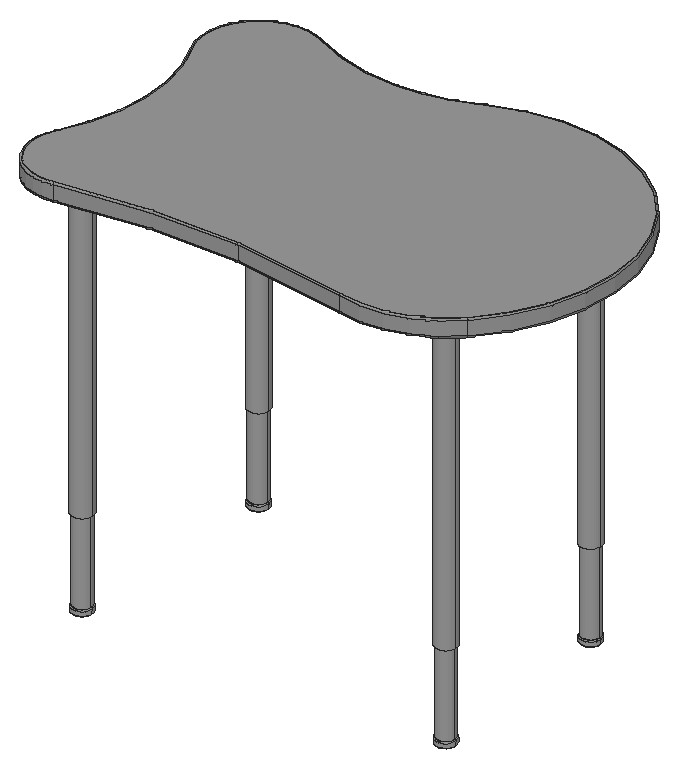
Revit family "Fender Large - Shapes", category Generic Models, Revit 2018
Family settings
  Can host rebar = No
  Round Connector Dimension = Use Diameter
  Part Type = Normal
  Work Plane-Based = No
  Always vertical = Yes
  Cut with Voids When Loaded = No
  Shared = No
  Room Calculation Point = No
Parameters
  Table Height = 2' - 4 1/2"
  Surface = Fender Large Surface
  Leg Finish = Shapes Leg Platinum
  Glider/Caster = Shapes Leg - Glider : Shapes Leg - Glider
  Edgeband = Fender Large Edgeband
Reference planes (in)
  plane 1 "Center (Front/Back)": y = 0
  plane 2: z = 0
  plane 3 "Center (Left/Right)": x = 0
  plane 4: z = 28.5
Dimensions and locks (in)
  "Table Height": plane 4 to level
  aligned and locked: plane 2 to level
  aligned and locked: nested 1 to plane 4
Nested families (in)
  nested 1: "Fender Large Tabletop" at (0, 0, 3.875), type "Fender Large Tabletop"
  nested 2: "Shapes Leg - Glider" at (-13.25872, 7.79811, 0), Leg Height <- "Table Height", Shapes Leg Finish <- "Leg Finish", type "Shapes Leg - Glider"
    with Shapes Leg Finish Shapes Leg Platinum, Leg Height 2' - 4 1/2"
  nested 3: "Shapes Leg - Glider" at (-13.48017, -8.03365, 0), Leg Height <- "Table Height", Shapes Leg Finish <- "Leg Finish", type "Shapes Leg - Glider"
    with Shapes Leg Finish Shapes Leg Platinum, Leg Height 2' - 4 1/2"
  nested 4: "Shapes Leg - Glider" at (12.32146, -7.06816, 0), Leg Height <- "Table Height", Shapes Leg Finish <- "Leg Finish", type <- "Glider/Caster", type "Shapes Leg - Glider"
    with Shapes Leg Finish Shapes Leg Platinum, Leg Height 2' - 4 1/2"
  nested 5: "Shapes Leg - Glider" at (11.38608, 7.33475, 0), Leg Height <- "Table Height", Shapes Leg Finish <- "Leg Finish", type <- "Glider/Caster", type "Shapes Leg - Glider"
    with Shapes Leg Finish Shapes Leg Platinum, Leg Height 2' - 4 1/2"
Definition of nested family "Fender Large Tabletop"
  Parameters (values of type "Fender Large Tabletop")
    Surface = none
    Edgeband = none
  Reference planes (in)
    plane 1 "Center (Front/Back)": y = 0
    plane 2: z = 0
    plane 3 "Center (Left/Right)": x = 0
  Forms (in)
    Extrusion 1, solid, material <- "Surface"
      sketch origin (0, 0, 0) x (1, 0, 0) y (0, 1, 0)
        loop
          arc (-16.54, 5.85448) -> (-15.37005, 2.85446) -> (-14.9842, -0.34243) r 12.82588
          arc (-14.9842, -0.34243) -> (-15.38855, -3.47903) -> (-16.54139, -6.42397) r 12.94498
          arc (-16.54139, -6.42397) -> (-16.27167, -10.0573) -> (-12.85847, -11.33162) r 3.3774
          arc (-12.85847, -11.33162) -> (-6.5983, -10.38668) -> (-0.26914, -10.2302) r 50.64304
          arc (-0.26914, -10.2302) -> (3.88705, -10.56276) -> (8.00065, -11.24302) r 49.62977
          arc (8.00065, -11.24302) -> (11.97886, -11.04383) -> (15.34964, -8.92165) r 7.86744
          arc (15.34964, -8.92165) -> (16.24925, 7.27288) -> (0.46174, 10.99128) r 12.62621
          arc (0.46174, 10.99128) -> (-2.07479, 10.0375) -> (-4.75563, 9.64153) r 12.74533
          arc (-4.75563, 9.64153) -> (-8.12546, 9.94022) -> (-11.30862, 11.08587) r 13.19642
          arc (-11.30862, 11.08587) -> (-15.83026, 10.37612) -> (-16.54, 5.85448) r 3.88603
      from 24.625 to 25.875
    Sweep 2, solid, material <- "Edgeband"
      path origin (0, 0, 0) x (1, 0, 0) y (0, 1, 0)
        loop
          arc (-16.54, 5.85448) -> (-15.37005, 2.85446) -> (-14.9842, -0.34243) r 12.82588
          arc (-14.9842, -0.34243) -> (-15.38855, -3.47903) -> (-16.54139, -6.42397) r 12.94498
          arc (-16.54139, -6.42397) -> (-16.27167, -10.0573) -> (-12.85847, -11.33162) r 3.3774
          arc (-12.85847, -11.33162) -> (-6.5983, -10.38668) -> (-0.26914, -10.2302) r 50.64304
          arc (-0.26914, -10.2302) -> (3.88705, -10.56276) -> (8.00065, -11.24302) r 49.62977
          arc (8.00065, -11.24302) -> (11.97886, -11.04383) -> (15.34964, -8.92165) r 7.86744
          arc (15.34964, -8.92165) -> (16.24925, 7.27288) -> (0.46174, 10.99128) r 12.62621
          arc (0.46174, 10.99128) -> (-2.07479, 10.0375) -> (-4.75563, 9.64153) r 12.74533
          arc (-4.75563, 9.64153) -> (-8.12546, 9.94022) -> (-11.30862, 11.08587) r 13.19642
          arc (-11.30862, 11.08587) -> (-15.83026, 10.37612) -> (-16.54, 5.85448) r 3.88603
      profile origin (-15.37005, 2.85446, 0) x (0.9699, 0.243504, 0) y (0, 0, 1)
        loop
          arc (0, 25.87716) -> (-0.08991, 25.83991) -> (-0.12715, 25.75) r 0.12715
          line (-0.12715, 25.75) -> (-0.12715, 24.75)
          arc (-0.12715, 24.75) -> (-0.08991, 24.66009) -> (0, 24.62285) r 0.12715
          line (0, 24.62285) -> (0, 25.87716)
  Dimensions and locks (in)
    aligned and locked: plane 2 to level
Definition of nested family "Shapes Leg - Glider"
  Parameters (values of type "Shapes Leg - Glider")
    Shapes Leg Finish [instance] = none
    Leg Height [instance] = 2' - 4 1/2"
  Reference planes (in)
    plane 1 "Center (Front/Back)": y = 0
    plane 2: z = 0
    plane 3 "Center (Left/Right)": x = 0
  Forms (in)
    Extrusion 1, solid
      sketch origin (-0.01562, 0, 0) x (1, 0, 0) y (0, 1, 0)
        loop
          circle (0.01563, 0) r 0.64906
      from 0.50586 to 20.17439
  Dimensions and locks (in)
    "Leg Height": nested 2 to level
    aligned and locked: plane 2 to level
  Automatic sketch dimensions
    plane 1 "Center (Front/Back)" to Extrusion 1 sketch curve = 0' - 0"
    Extrusion 1 sketch curve to plane 3 "Center (Left/Right)" = 0' - 0"
    radius of Extrusion 1 sketch curve = 0' - 0.64906"
  Nested families (in)
    nested 1: "Glider" at (0, 0, 0), type "Glider"
    nested 2: "Shapes Upper Leg" at (0, 0, 0), Shapes Leg Finish <- "Shapes Leg Finish", type "Shapes Upper Leg"
      with Shapes Leg Finish none
  Definition of nested family "Glider"
    Reference planes (in)
      plane 1 "Center (Front/Back)": y = 0
      plane 2: z = 0
      plane 3 "Center (Left/Right)": x = 0
    Forms (in)
      Revolve 1, solid
        sketch origin (0, 0, 0) x (1, 0, 0) y (0, 0, 1)
          loop
            line (0.26614, 0.50586) -> (0, 0.50586) -> (0, 0.09994) -> (0.71656, 0.09994) -> (0.71656, 0.37634)
            arc (0.71656, 0.37634) -> (0.70181, 0.41548) -> (0.66511, 0.43552) r 0.06011
            arc (0.66511, 0.43552) -> (0.46609, 0.45951) -> (0.26614, 0.47365) r 4.06535
            line (0.26614, 0.47365) -> (0.26614, 0.50586)
          axis (0, 0.50586) -> (0, 0.09994)
        angle from 0 to 360
      Revolve 2, solid
        sketch origin (0, 0, 0) x (1, 0, 0) y (0, 0, 1)
          loop
            line (0.65534, 0.1212) -> (0, 0.1212) -> (0, 0) -> (0.57593, 0)
            arc (0.57593, 0) -> (0.63208, 0.02326) -> (0.65534, 0.07941) r 0.07941
            line (0.65534, 0.07941) -> (0.65534, 0.1212)
          axis (0, 0.1212) -> (0, 0)
        angle from 0 to 360
    Dimensions and locks (in)
      aligned and locked: plane 2 to level
  Definition of nested family "Shapes Upper Leg"
    Parameters (values of type "Shapes Upper Leg")
      Shapes Leg Finish [instance] = none
    Reference planes (in)
      plane 1 "Center (Front/Back)": y = 0
      plane 2: z = 0
      plane 3 "Center (Left/Right)": x = 0
    Forms (in)
      Extrusion 1, solid, material <- "Shapes Leg Finish"
        sketch origin (0, 0, 0) x (1, 0, 0) y (0, 1, 0)
          loop
            circle (0, 0) r 0.75
        from 6.5 to 28.5
    Dimensions and locks (in)
      aligned and locked: plane 2 to level
